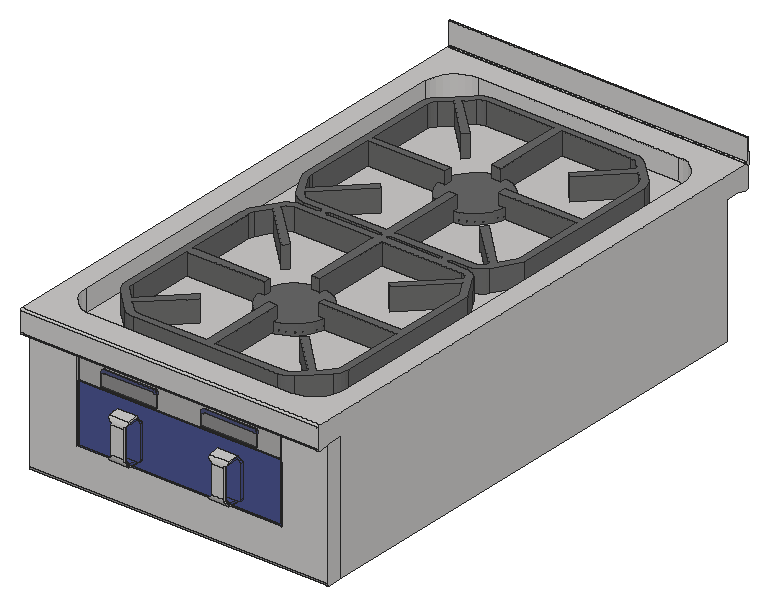
Revit family "QF_ELECTROLUXPROFESSIONAL_589069_MCGDABEOPO", category Specialty Equipment, Revit 2018
Family settings
  Round Connector Dimension = Use Diameter
  Part Type = Normal
  Work Plane-Based = No
  Always vertical = Yes
  Cut with Voids When Loaded = No
  Shared = No
  Room Calculation Point = No
Parameters
  Weight in Pounds = 90.38
  Watts = 0 W
  URL Cutsheet = ""
  Type Mark [instance] = ""
  Status [instance] = ""
  Specification by User [instance] = ""
  Specification by Manufacturer = ""
  Serial Number = ""
  Seismic Rating = ""
  SMACNA No = ""
  Revision Code [instance] = ""
  Omniclass Number and Title = ""
  NAFEM Spec ID Number = ""
  Model = "589069"
  Mechanical Remarks [instance] = ""
  Mechanical Connection Type [instance] = ""
  Masterspec = ""
  Manufacturer = "ELECTROLUX"
  Item Number [instance] = ""
  Installed By [instance] = ""
  Identify Quantity as Lot [instance] = yes
  HP = "0 HP"
  Gas Size = 1/2"
  Gas RI Height [instance] = 0 mm
  Gas KW = 20
  Gas Input = 68180.0 Btu/h
  Gas Connection Height [instance] = 0 mm
  Furnished By [instance] = ""
  Foodservice Equipment Identifier [instance] = yes
  Direct Waste Size = 0"
  Description = "GAS TOP,2 BURNERS,1-S,BSPL,500X900X250H"
  CSI MasterFormat = ""
  CSI Master Format = ""
Reference planes
  plane 1 "BACK": y = 0
  plane 2: z = 0
  plane 3 "LEFT": x = 0
  plane 4 "RIGHT": x = 500
  plane 5 "FRONT": y = -900
  plane 6 "TOP": z = 250
  plane 7: x = 250
  plane 8: y = -450
  plane 9: z = 288.006
  plane 10: x = 465
  plane 11: y = -60.425
Forms (mm)
  Extrusion 1, solid, material "QF_Finishes_Stainless Steel"
    sketch origin (0, -487.128, 0) x (0, 1, 0) y (0, 0, 1)
      loop
        line (483.128, 250) -> (-408.872, 250)
        arc (-408.872, 250) -> (-411.7, 248.828) -> (-412.872, 246) r 4
        line (-412.872, 246) -> (-412.872, 214)
        arc (-412.872, 214) -> (-411.437, 210.931) -> (-408.161, 210.064) r 4
        line (-408.161, 210.064) -> (-392.872, 213) -> (-367.872, 213) -> (-367.872, 0) -> (441.714, 0) -> (441.714, 213) -> (465.765, 213) -> (482.433, 210.061)
        arc (482.433, 210.061) -> (485.699, 210.936) -> (487.128, 214) r 4
        line (487.128, 214) -> (487.128, 246)
        arc (487.128, 246) -> (485.956, 248.828) -> (483.128, 250) r 4
    from 0 to 500
  Extrusion 2, void
    sketch origin (653.786, 44.048, 250) x (1, 0, 0) y (0, -1, 0)
      loop
        line (-570.234, 89.462) -> (-235.321, 89.462)
        arc (-235.321, 89.462) -> (-200.694, 103.805) -> (-186.351, 138.432) r 48.97
        line (-186.351, 138.432) -> (-186.351, 850.078)
        arc (-186.351, 850.078) -> (-200.694, 884.705) -> (-235.321, 899.048) r 48.97
        line (-235.321, 899.048) -> (-570.234, 899.048)
        arc (-570.234, 899.048) -> (-605.59, 884.403) -> (-620.234, 849.048) r 50
        line (-620.234, 849.048) -> (-620.234, 139.462)
        arc (-620.234, 139.462) -> (-605.59, 104.107) -> (-570.234, 89.462) r 50
    from 0 to 37
  Extrusion 3, solid, material "QF_Finishes_Stainless Steel"
    sketch origin (10, -759, 0) x (1, 0, 0) y (0, -1, 0)
      loop
        circle (455, -169) r 6.35
    from 0 to 3.2
  Extrusion 4, solid, material "QF_Finishes_Stainless Steel"
    sketch origin (0, -950.048, 0) x (0, -1, 0) y (0, 0, -1)
      loop
        arc (-948.097, -252.006) -> (-947.511, -250.592) -> (-946.097, -250.006) r 2
        arc (-946.097, -250.006) -> (-948.877, -248.828) -> (-950.048, -246) r 4
        line (-950.048, -246) -> (-950.048, -288.006) -> (-948.097, -288.006) -> (-948.097, -252.006)
    from 0 to 500
Cuts and joins
  Extrusion 2 cuts Extrusion 1
Lines and regions (mm)
  symbolic lines
    curve 1: line (0, 0, 0) -> (500, 0, 0)
    curve 2: line (0, -900, 0) -> (0, 0, 0)
    curve 3: line (500, -900, 0) -> (0, -900, 0)
    curve 4: line (500, 0, 0) -> (500, -900, 0)
    curve 5: arc (83.552, -855, 0) -> (48.197, -840.355, 0) -> (33.552, -805, 0) r 50
    curve 6: line (33.552, -805, 0) -> (33.552, -95.414, 0)
    curve 7: arc (33.552, -95.414, 0) -> (48.197, -60.059, 0) -> (83.552, -45.414, 0) r 50
    curve 8: line (83.552, -45.414, 0) -> (418.465, -45.414, 0)
    curve 9: arc (418.465, -45.414, 0) -> (453.092, -59.757, 0) -> (467.435, -94.384, 0) r 48.97
    curve 10: line (467.435, -94.384, 0) -> (467.435, -806.03, 0)
    curve 11: arc (467.435, -806.03, 0) -> (453.092, -840.657, 0) -> (418.465, -855, 0) r 48.97
    curve 12: line (418.465, -855, 0) -> (83.552, -855, 0)
    curve 13: line (0, -1.951, 0) -> (500, -1.951, 0)
Dimensions and locks
  plane 3 "LEFT" to plane 4 "RIGHT" = 500 mm
  plane 5 "FRONT" to plane 1 "BACK" = 900 mm
  equal spacing: plane 3 "LEFT", plane 7, plane 4 "RIGHT"
  equal spacing: plane 5 "FRONT", plane 8, plane 1 "BACK"
  plane 6 "TOP" to level = 250 mm  (x2)
  plane 1 "BACK" to plane 5 "FRONT" = 900 mm
  Extrusion 3 sketch curve to plane 1 "BACK" = 590 mm
  Extrusion 3 sketch curve to plane 4 "RIGHT" = 35 mm
  plane 1 "BACK" to Extrusion 3 = 590 mm
  plane 10 to plane 4 "RIGHT" = 35 mm
  plane 9 to plane 6 "TOP" = 38.006 mm
  plane 9 to level = 288.006 mm
  aligned and locked: level to plane 2
  aligned and locked: plane 7 to nested 1
  aligned and locked: Extrusion 1 to plane 4 "RIGHT"
  aligned and locked: Extrusion 4 to plane 4 "RIGHT"
Automatic sketch dimensions
  Extrusion 1 sketch curve to plane 5 "FRONT" = 0 mm
  Extrusion 1 sketch curve to plane 6 "TOP" = 0 mm
  Extrusion 1 sketch curve to level = 0 mm
  Extrusion 1 sketch curve to plane 1 "BACK" = 0 mm
  Extrusion 1 sketch curve to plane 6 "TOP" = 37 mm  (x2)
  Extrusion 1 sketch curve to plane 5 "FRONT" = 4 mm
  Extrusion 1 sketch curve to plane 5 "FRONT" = 20 mm
  Extrusion 1 sketch curve to plane 5 "FRONT" = 45 mm
  plane 1 "BACK" to Extrusion 1 sketch curve = 21.363 mm
  plane 1 "BACK" to Extrusion 1 sketch curve = 4 mm  (x2)
  Extrusion 1 sketch curve to Extrusion 1 sketch curve = 4 mm
  Extrusion 1 sketch curve to Extrusion 1 sketch curve = 0.711 mm
  plane 1 "BACK" to Extrusion 1 sketch curve = 4.695 mm
  Extrusion 1 sketch curve to Extrusion 1 sketch curve = 0 mm  (x2)
  Extrusion 1 sketch curve to Extrusion 1 sketch curve = 1 mm  (x2)
  plane 1 "BACK" to Extrusion 1 sketch curve = 45.414 mm
  Extrusion 4 sketch curve to plane 1 "BACK" = 0 mm  (x2)
  Extrusion 4 sketch curve to plane 6 "TOP" = 2.006 mm
  Extrusion 4 sketch curve to plane 6 "TOP" = 0 mm
  Extrusion 4 sketch curve to Extrusion 4 sketch curve = 1.951 mm
  Extrusion 4 sketch curve to Extrusion 4 sketch curve = 2 mm
  Extrusion 4 sketch curve to Extrusion 4 sketch curve = 0.049 mm
  Extrusion 4 sketch curve to Extrusion 4 sketch curve = 36 mm
  Extrusion 4 sketch curve to Extrusion 4 sketch curve = 0 mm
  plane 1 "BACK" to curve 1 = 0 mm
  curve 1 to plane 4 "RIGHT" = 0 mm
  curve 2 to plane 3 "LEFT" = 0 mm
  plane 5 "FRONT" to curve 3 = 0 mm
  curve 13 to plane 3 "LEFT" = 0 mm
  curve 10 to plane 10 = 2.435 mm
  plane 10 to curve 12 = 46.535 mm
  plane 11 to curve 8 = 15.012 mm
  plane 10 to curve 8 = 46.535 mm
  plane 3 "LEFT" to curve 12 = 83.552 mm
  plane 3 "LEFT" to curve 8 = 83.552 mm
  plane 3 "LEFT" to curve 6 = 33.552 mm
  curve 6 to plane 5 "FRONT" = 95 mm
  plane 1 "BACK" to curve 13 = 1.951 mm
  Extrusion 1 to Extrusion 2 sketch curve = 33.552 mm
  Extrusion 1 to Extrusion 2 sketch curve = 41 mm
  Extrusion 1 to Extrusion 2 sketch curve = 41.414 mm
  Extrusion 2 sketch curve to Extrusion 2 sketch curve = 50 mm  (x2)
  Extrusion 1 to Extrusion 2 sketch curve = 81.535 mm  (x2)
  Extrusion 1 to Extrusion 2 sketch curve = 32.565 mm
  radius of Extrusion 3 sketch curve = 6.35 mm
Nested families
  nested 1: "EG_900_500_Double Range Control Handle Front Panel" at (202.376, -855, -650), type "EG_900_500_Double Range Control Handle Front Panel"
  nested 2: "OBT_900_Open Burner" at (250, -450.207, -649.319), type "OBT_900_Open Burner"
Connectors
  piping at (465, -590, -3.2), diameter 12.8
    settings: on Extrusion 3, index 1, connector inside diameter 0.50394", connector length 0 mm, flow factor 0, pipe flow 0 GPM, pressure drop 0.00 psi, fitting loss kfactor 0, connector angle 0.00°, fixture units 0, engagement length 0 mm, angle of deflection 0.00°, flow configuration 1, flow direction 1, fitting loss method 0, system type 7, joint type 0, gender type 0, connector reference index -1, connector utility 0, adjustable connector no, is connector primary yes, connector description "GAS CONNECTION"
Definition of nested family "EG_900_500_Double Range Control Handle Front Panel"
  Reference planes
    plane 1 "Center (Front/Back)": y = 0
    plane 2: z = 0
    plane 3 "Center (Left/Right)": x = 47.624
    plane 4: x = -202.376
    plane 5: x = 297.624
    plane 6: y = -45
  Forms (mm)
    Extrusion 1, solid
      sketch origin (833.217, 829.203, -1.25) x (0, 1, 0) y (0, 0, 1)
        loop
          arc (-854.203, 654.25) -> (-853.324, 652.129) -> (-851.203, 651.25) r 3
          line (-851.203, 651.25) -> (-829.203, 651.25) -> (-829.203, 864.25) -> (-854.203, 864.25) -> (-854.203, 654.25)
      from -1035.593 to -535.593
    Extrusion 2, void
      sketch origin (33.217, 829.203, -1.25) x (1, 0, 0) y (0, 0, 1)
        loop
          line (-157.593, 855.116) -> (-157.593, 713.116) -> (186.407, 713.116) -> (186.407, 855.116) -> (-157.593, 855.116)
      from 848.59 to 854.203
  Cuts and joins
    Extrusion 2 cuts Extrusion 1
  Dimensions and locks
    equal spacing: plane 5, plane 3 "Center (Left/Right)", plane 4
    plane 5 to plane 4 = 500 mm
    equal spacing: nested 3, nested 2, nested 1
    aligned and locked: cut or joined group of Extrusion 1, Extrusion 2 to plane 4
    aligned and locked: plane 5 to cut or joined group of Extrusion 1, Extrusion 2
    aligned and locked: plane 3 "Center (Left/Right)" to nested 2
    aligned and locked: cut or joined group of Extrusion 1, Extrusion 2 to nested 2
  Automatic sketch dimensions
    Extrusion 1 sketch curve to plane 1 "Center (Front/Back)" = 0 mm
    plane 1 "Center (Front/Back)" to Extrusion 1 sketch curve = 22 mm
    Extrusion 1 sketch curve to Extrusion 1 sketch curve = 3 mm
    level to Extrusion 1 sketch curve = 650 mm
    Extrusion 1 sketch curve to Extrusion 1 sketch curve = 210 mm
    plane 4 to Extrusion 2 sketch curve = 78 mm
    Extrusion 2 sketch curve to plane 5 = 78 mm
    level to Extrusion 2 sketch curve = 711.866 mm
    Extrusion 2 sketch curve to Extrusion 2 sketch curve = 142 mm
  Nested families
    nested 1: "Range Control Handle" at (-36.126, -28.137, -209.113) x (-1, 0, 0) z (0, 0, 1), type "Range Control Handle"
    nested 2: "glass conrol panel" at (47.624, 280.644, 2.752), type "glass conrol panel"
    nested 3: "Range Control Handle" at (131.374, -28.137, -209.113), type "Range Control Handle"
  Definition of nested family "Range Control Handle"
    Reference planes
      plane 1 "Center (Front/Back)": y = 0
      plane 2: z = 0
      plane 3 "Center (Left/Right)": x = 0
      plane 4: z = 971.092
      plane 5: y = -16.9
    Forms (mm)
      Extrusion 1, solid
        sketch origin (-746.28, 380.497, 208.931) x (-1, 0, 0) y (0, 0, 1)
          loop
            line (-770.101, 786.798) -> (-770.101, 731.649)
            arc (-770.101, 731.649) -> (-769.759, 730.563) -> (-768.855, 729.87) r 1.893
            line (-768.855, 729.87) -> (-763.474, 727.911) -> (-729.81, 727.911) -> (-724.428, 729.87)
            arc (-724.428, 729.87) -> (-723.525, 730.563) -> (-723.183, 731.649) r 1.893
            line (-723.183, 731.649) -> (-723.183, 786.798)
            arc (-723.183, 786.798) -> (-723.529, 787.894) -> (-724.44, 788.593) r 1.91
            line (-724.44, 788.593) -> (-729.683, 790.819) -> (-763.601, 790.819) -> (-768.844, 788.593)
            arc (-768.844, 788.593) -> (-769.755, 787.894) -> (-770.101, 786.798) r 1.91
        from -382.35 to -378.852
      Sweep 2, solid
        path origin (-746.788, 380.496, 208.091) x (0, -1, 0) y (0, 0, 1)
          loop
            line (379.775, 793.281) -> (395.661, 791.048)
            arc (395.661, 791.048) -> (397.781, 787.377) -> (398.517, 783.202) r 12.207
            line (398.517, 783.202) -> (398.517, 737.368)
            arc (398.517, 737.368) -> (397.781, 733.193) -> (395.661, 729.522) r 12.207
            line (395.661, 729.522) -> (379.775, 727.289)
        profile origin (-746.788, -7.222, 1000.256) x (0, -0.139173, 0.990268) y (-1, 0, 0)
          loop
            line (0.782, -763.123) -> (0.782, -730.907) -> (-1.322, -730.907) -> (-1.322, -763.123) -> (0.782, -763.123)
      Sweep 3, solid
        path origin (-746.788, 380.715, 207.832) x (0, -1, 0) y (0, 0, 1)
          loop
            line (380.478, 795.442) -> (397.218, 793.09)
            arc (397.218, 793.09) -> (399.929, 788.473) -> (400.871, 783.202) r 15.207
            line (400.871, 783.202) -> (400.871, 737.584)
            arc (400.871, 737.584) -> (399.914, 732.274) -> (397.164, 727.633) r 15.207
            line (397.164, 727.633) -> (380.601, 725.305)
        profile origin (-746.788, -8.132, 1002.099) x (0, -0.139173, 0.990268) y (-1, 0, 0)
          loop
            line (0.782, -763.123) -> (0.782, -730.907) -> (-1.322, -730.907) -> (-1.322, -763.123) -> (0.782, -763.123)
      Extrusion 4, void
        sketch origin (889.253, 220.666, 207.993) x (1, 0, 0) y (0, 0, 1)
          loop
            line (-943.038, 816.854) -> (-943.038, 703.686) -> (-899.466, 734.196) -> (-899.466, 786.344) -> (-943.038, 816.854)
        from 230.636 to 242.25
      Extrusion 5, void
        sketch origin (-888.8, 220.666, 207.993) x (-1, 0, 0) y (0, 0, -1)
          loop
            line (-943.038, -816.854) -> (-899.466, -786.344) -> (-899.466, -734.196) -> (-943.038, -703.686) -> (-943.038, -816.854)
        from 230.636 to 242.25
      Extrusion 6, solid
        sketch origin (0, 0, 0) x (1, 0, 0) y (0, 0, 1)
          loop
            circle (0, 971.092) r 7.736
        from -3.137 to -1.645
    Cuts and joins
      Extrusion 4, Extrusion 5 cuts Sweep 3
      Extrusion 4, Extrusion 5 cuts Sweep 2
      joined: Extrusion 1, Extrusion 6
    Lines and regions (mm)
      symbolic lines
        curve 1: line (16.334, -16.9, 0) -> (16.334, -19.227, 0)
        curve 2: spline (16.334, -19.227, 0) -> (15.87, -19.385, 0) -> (15.404, -19.536, 0) -> (14.936, -19.678, 0) -> (14.466, -19.813, 0) -> (13.995, -19.94, 0) -> (13.523, -20.059, 0) -> (13.049, -20.171, 0) -> (12.575, -20.274, 0) -> (12.099, -20.37, 0) -> (11.622, -20.458, 0) -> (11.144, -20.537, 0) -> (10.666, -20.609, 0)
        curve 3: line (10.666, -16.9, 0) -> (10.666, -20.938, 0)
        curve 4: line (-10.213, -20.938, 0) -> (10.666, -20.938, 0)
        curve 5: line (-10.213, -20.938, 0) -> (-10.213, -16.9, 0)
        curve 6: spline (-10.213, -20.609, 0) -> (-10.691, -20.537, 0) -> (-11.169, -20.458, 0) -> (-11.646, -20.37, 0) -> (-12.122, -20.274, 0) -> (-12.597, -20.171, 0) -> (-13.07, -20.059, 0) -> (-13.542, -19.94, 0) -> (-14.013, -19.813, 0) -> (-14.483, -19.678, 0) -> (-14.951, -19.536, 0) -> (-15.417, -19.385, 0) -> (-15.881, -19.227, 0)
        curve 7: line (-15.881, -19.227, 0) -> (-15.881, -16.9, 0)
  Definition of nested family "glass conrol panel"
    Reference planes
      plane 1 "Center (Front/Back)": y = 0
      plane 2: z = 0
      plane 3 "Center (Left/Right)": x = 0
    Forms (mm)
      Extrusion 1, solid
        sketch origin (378.286, 0, 0.617) x (1, 0, 0) y (0, 0, 1)
          loop
            line (-550.286, 806.791) -> (-550.286, 708.497) -> (-206.286, 708.497) -> (-206.286, 806.791) -> (-550.286, 806.791)
        from 300.031 to 304.8
      Extrusion 2, solid
        sketch origin (378.286, 0, 0.617) x (1, 0, 0) y (0, 0, 1)
          loop
            line (-550.286, 850.497) -> (-550.286, 806.791) -> (-206.286, 806.791) -> (-206.286, 850.497) -> (-550.286, 850.497)
        from 300.031 to 304.8
      Extrusion 3, void
        sketch origin (378.286, 0, 0.617) x (1, 0, 0) y (0, 0, 1)
          loop
            line (-547.628, 847.565) -> (-547.628, 710.699) -> (-209.196, 710.699) -> (-209.196, 847.565) -> (-547.628, 847.565)
        from 303.697 to 304.8
      Extrusion 4, solid
        sketch origin (-392.059, 1.101, -0.633) x (-1, 0, 0) y (0, 0, -1)
          loop
            line (-261.431, -812.62) -> (-355.186, -812.62) -> (-355.186, -834.177) -> (-350.269, -834.177) -> (-348.469, -835.977) -> (-268.039, -835.977) -> (-266.24, -834.177) -> (-261.431, -834.177) -> (-261.431, -812.62)
        from 304.798 to 306.745
      Extrusion 5, solid
        sketch origin (-392.059, 1.101, -0.633) x (-1, 0, 0) y (0, 0, -1)
          loop
            line (-350.269, -834.177) -> (-355.078, -834.177)
            arc (-355.078, -834.177) -> (-353.942, -838.747) -> (-349.686, -840.763) r 5.5
            line (-349.686, -840.763) -> (-266.98, -840.763)
            arc (-266.98, -840.763) -> (-262.706, -838.752) -> (-261.529, -834.177) r 5.549
            line (-261.529, -834.177) -> (-266.24, -834.177) -> (-268.039, -835.977) -> (-348.469, -835.977) -> (-350.269, -834.177)
        from 304.798 to 306.745
      Extrusion 6, solid
        sketch origin (392.059, 1.101, -0.633) x (1, 0, 0) y (0, 0, 1)
          loop
            line (-261.431, 812.62) -> (-261.431, 834.177) -> (-266.24, 834.177) -> (-268.039, 835.977) -> (-348.469, 835.977) -> (-350.269, 834.177) -> (-355.186, 834.177) -> (-355.186, 812.62) -> (-261.431, 812.62)
        from 304.798 to 306.745
      Extrusion 7, solid
        sketch origin (392.059, 1.101, -0.633) x (1, 0, 0) y (0, 0, 1)
          loop
            line (-350.269, 834.177) -> (-348.469, 835.977) -> (-268.039, 835.977) -> (-266.24, 834.177) -> (-261.529, 834.177)
            arc (-261.529, 834.177) -> (-262.706, 838.752) -> (-266.98, 840.763) r 5.549
            line (-266.98, 840.763) -> (-349.686, 840.763)
            arc (-349.686, 840.763) -> (-353.942, 838.747) -> (-355.078, 834.177) r 5.5
            line (-355.078, 834.177) -> (-350.269, 834.177)
        from 304.798 to 306.745
    Cuts and joins
      Extrusion 3 cuts Extrusion 1
      Extrusion 3 cuts Extrusion 2
    Dimensions and locks
      aligned and locked: Extrusion 1 to Extrusion 2
      aligned and locked: Extrusion 5 sketch curve to Extrusion 4  (x5)
      aligned and locked: Extrusion 5 to Extrusion 4
      aligned and locked: Extrusion 7 sketch curve to Extrusion 6  (x4)
      aligned and locked: Extrusion 6 to Extrusion 7 sketch curve
      aligned and locked: Extrusion 7 to Extrusion 6
Definition of nested family "OBT_900_Open Burner"
  Reference planes
    plane 1 "Center (Front/Back)": y = 0
    plane 2: z = 0
    plane 3 "Center (Left/Right)": x = 0
    plane 4: x = -186.448
    plane 5: x = 187.435
    plane 6: y = 374.793
    plane 7: y = -374.793
    plane 8: y = -188.326
  Forms (mm)
    Extrusion 1, solid
      sketch origin (2130.573, 56.896, -679.622) x (1, 0, 0) y (0, 1, 0)
        loop
          line (-2137.44, 306.49) -> (-2250.793, 306.49)
          arc (-2250.793, 306.49) -> (-2257.908, 305.075) -> (-2263.94, 301.044) r 18.593
          line (-2263.94, 301.044) -> (-2276.233, 288.751) -> (-2213.48, 225.998) -> (-2221.6, 217.877) -> (-2284.354, 280.631) -> (-2300.33, 264.654)
          arc (-2300.33, 264.654) -> (-2304.433, 258.337) -> (-2305.614, 250.897) r 18.125
          line (-2305.614, 250.897) -> (-2305.614, 138.422) -> (-2175.79, 138.422) -> (-2175.79, 126.938) -> (-2305.614, 126.938) -> (-2305.614, 10.897)
          arc (-2305.614, 10.897) -> (-2304.981, 6.085) -> (-2303.123, 1.601) r 18.593
          line (-2303.123, 1.601) -> (-2290.078, -20.994) -> (-2221.6, 47.483) -> (-2213.48, 39.363) -> (-2284.012, -31.169)
          arc (-2284.012, -31.169) -> (-2278.546, -38.527) -> (-2270.23, -42.379) r 18.593
          line (-2270.23, -42.379) -> (-2137.44, -42.379) -> (-2137.44, 87.464) -> (-2123.707, 87.464) -> (-2123.707, -42.379) -> (-1989.813, -42.379)
          arc (-1989.813, -42.379) -> (-1981.496, -38.527) -> (-1976.031, -31.169) r 18.593
          line (-1976.031, -31.169) -> (-2047.115, 39.915) -> (-2038.994, 48.035) -> (-1969.962, -20.997) -> (-1954.428, 5.916) -> (-1954.428, 126.938) -> (-2085.357, 126.938) -> (-2085.357, 138.422) -> (-1954.428, 138.422) -> (-1954.428, 247.888)
          arc (-1954.428, 247.888) -> (-1956.538, 258.496) -> (-1962.547, 267.489) r 27.72
          line (-1962.547, 267.489) -> (-1975.689, 280.631) -> (-2038.994, 217.325) -> (-2047.115, 225.446) -> (-1983.809, 288.751) -> (-1996.102, 301.044)
          arc (-1996.102, 301.044) -> (-2002.134, 305.075) -> (-2009.25, 306.49) r 18.593
          line (-2009.25, 306.49) -> (-2123.707, 306.49) -> (-2123.707, 177.897) -> (-2137.44, 177.897) -> (-2137.44, 306.49)
        loop
          arc (-2317.021, 10.897) -> (-2315.999, 3.132) -> (-2313.002, -4.103) r 30
          line (-2313.002, -4.103) -> (-2292.795, -39.103)
          arc (-2292.795, -39.103) -> (-2281.814, -50.084) -> (-2266.814, -54.103) r 30
          line (-2266.814, -54.103) -> (-2239.287, -54.103)
          arc (-2239.287, -54.103) -> (-2238.243, -56) -> (-2236.272, -56.896) r 3.438
          arc (-2236.272, -56.896) -> (-2238.243, -57.792) -> (-2239.287, -59.689) r 3.438
          line (-2239.287, -59.689) -> (-2266.814, -59.689)
          arc (-2266.814, -59.689) -> (-2281.814, -63.708) -> (-2292.795, -74.689) r 30
          line (-2292.795, -74.689) -> (-2313.002, -109.689)
          arc (-2313.002, -109.689) -> (-2315.999, -116.924) -> (-2317.021, -124.689) r 30
          line (-2317.021, -124.689) -> (-2317.021, -365.461)
          arc (-2317.021, -365.461) -> (-2314.738, -376.941) -> (-2308.234, -386.674) r 30
          line (-2308.234, -386.674) -> (-2271.975, -422.933)
          arc (-2271.975, -422.933) -> (-2262.253, -429.414) -> (-2250.793, -431.689) r 30
          line (-2250.793, -431.689) -> (-2009.25, -431.689)
          arc (-2009.25, -431.689) -> (-1997.786, -429.412) -> (-1988.062, -422.928) r 30
          line (-1988.062, -422.928) -> (-1951.808, -386.674)
          arc (-1951.808, -386.674) -> (-1945.305, -376.941) -> (-1942.982, -365.461) r 30
          line (-1942.982, -365.461) -> (-1942.982, -116.719) -> (-1967.248, -74.689)
          arc (-1967.248, -74.689) -> (-1978.229, -63.708) -> (-1993.229, -59.689) r 30
          line (-1993.229, -59.689) -> (-2020.319, -59.689)
          arc (-2020.319, -59.689) -> (-2021.979, -57.759) -> (-2024.375, -56.896) r 5
          arc (-2024.375, -56.896) -> (-2021.979, -56.033) -> (-2020.319, -54.103) r 5
          line (-2020.319, -54.103) -> (-1993.229, -54.103)
          arc (-1993.229, -54.103) -> (-1978.229, -50.084) -> (-1967.248, -39.103) r 30
          line (-1967.248, -39.103) -> (-1943.138, 2.656) -> (-1943.138, 254.314)
          arc (-1943.138, 254.314) -> (-1945.839, 264.361) -> (-1951.808, 272.882) r 30
          line (-1951.808, 272.882) -> (-1988.062, 309.136)
          arc (-1988.062, 309.136) -> (-1997.786, 315.62) -> (-2009.25, 317.897) r 30
          line (-2009.25, 317.897) -> (-2250.793, 317.897)
          arc (-2250.793, 317.897) -> (-2262.253, 315.622) -> (-2271.975, 309.141) r 30
          line (-2271.975, 309.141) -> (-2308.234, 272.882)
          arc (-2308.234, 272.882) -> (-2314.738, 263.149) -> (-2317.021, 251.669) r 30
          line (-2317.021, 251.669) -> (-2317.021, 10.897)
        loop
          arc (-2122.397, -54.103) -> (-2124.057, -56.033) -> (-2126.452, -56.896) r 5
          arc (-2126.452, -56.896) -> (-2124.057, -57.759) -> (-2122.397, -59.689) r 5
          line (-2122.397, -59.689) -> (-2035.829, -59.689)
          arc (-2035.829, -59.689) -> (-2034.784, -57.792) -> (-2032.813, -56.896) r 3.438
          arc (-2032.813, -56.896) -> (-2034.784, -56) -> (-2035.829, -54.103) r 3.438
          line (-2035.829, -54.103) -> (-2122.397, -54.103)
        loop
          arc (-2223.778, -54.103) -> (-2225.438, -56.033) -> (-2227.833, -56.896) r 5
          arc (-2227.833, -56.896) -> (-2225.438, -57.759) -> (-2223.778, -59.689) r 5
          line (-2223.778, -59.689) -> (-2137.906, -59.689)
          arc (-2137.906, -59.689) -> (-2136.862, -57.792) -> (-2134.891, -56.896) r 3.438
          arc (-2134.891, -56.896) -> (-2136.862, -56) -> (-2137.906, -54.103) r 3.438
          line (-2137.906, -54.103) -> (-2223.778, -54.103)
        loop
          line (-2137.44, -420.282) -> (-2137.44, -290.439) -> (-2123.707, -290.439) -> (-2123.707, -420.282) -> (-2009.25, -420.282)
          arc (-2009.25, -420.282) -> (-2002.134, -418.867) -> (-1996.102, -414.836) r 18.593
          line (-1996.102, -414.836) -> (-1983.184, -401.918) -> (-2047.115, -337.988) -> (-2038.994, -329.867) -> (-1975.064, -393.798) -> (-1962.547, -381.281)
          arc (-1962.547, -381.281) -> (-1956.538, -372.288) -> (-1954.428, -361.68) r 27.72
          line (-1954.428, -361.68) -> (-1954.428, -250.964) -> (-2085.357, -250.964) -> (-2085.357, -239.48) -> (-1954.428, -239.48) -> (-1954.428, -119.708) -> (-1970.42, -92.003) -> (-2038.994, -160.577) -> (-2047.115, -152.457) -> (-1976.413, -81.755)
          arc (-1976.413, -81.755) -> (-1981.868, -74.971) -> (-1989.813, -71.413) r 18.593
          line (-1989.813, -71.413) -> (-2123.707, -71.413) -> (-2123.707, -200.006) -> (-2137.44, -200.006) -> (-2137.44, -71.413) -> (-2270.23, -71.413)
          arc (-2270.23, -71.413) -> (-2278.175, -74.971) -> (-2283.629, -81.755) r 18.593
          line (-2283.629, -81.755) -> (-2213.48, -151.905) -> (-2221.6, -160.025) -> (-2289.62, -92.005) -> (-2303.123, -115.393)
          arc (-2303.123, -115.393) -> (-2304.981, -119.877) -> (-2305.614, -124.689) r 18.593
          line (-2305.614, -124.689) -> (-2305.614, -239.48) -> (-2175.79, -239.48) -> (-2175.79, -250.964) -> (-2305.614, -250.964) -> (-2305.614, -364.689)
          arc (-2305.614, -364.689) -> (-2304.433, -372.129) -> (-2300.33, -378.446) r 18.125
          line (-2300.33, -378.446) -> (-2284.979, -393.798) -> (-2221.6, -330.419) -> (-2213.48, -338.54) -> (-2276.858, -401.918) -> (-2263.94, -414.836)
          arc (-2263.94, -414.836) -> (-2257.908, -418.867) -> (-2250.793, -420.282) r 18.593
          line (-2250.793, -420.282) -> (-2137.44, -420.282)
      from 1542.072 to 1578.941
    Extrusion 2, solid
      sketch origin (2130.573, 61.122, 0) x (1, 0, 0) y (0, 1, 0)
        loop
          circle (-2130.573, -249.448) r 55
        loop
          circle (-2130.573, 128.455) r 55
      from 862.45 to 879.837
    Extrusion 3, void
      sketch origin (-124.371, -355.785, -22.784) x (-0.587785, -0.809017, 0) y (0, 0, 1)
        loop
          circle (-213.495, 891.283) r 1
      from -67.69 to -35.114
    Extrusion 4, void
      sketch origin (-89.903, -376.417, -22.784) x (-0.422618, -0.906308, 0) y (0, 0, 1)
        loop
          circle (-213.495, 891.283) r 1
      from -74.826 to -35.114
    Extrusion 5, void
      sketch origin (-52.131, -390.093, -22.784) x (-0.241922, -0.970296, 0) y (0, 0, 1)
        loop
          circle (-213.495, 891.283) r 1
      from -67.69 to -35.114
    Extrusion 6, void
      sketch origin (27.702, -394.842, -22.784) x (0.139173, -0.990268, 0) y (0, 0, 1)
        loop
          circle (-213.495, 891.283) r 1
      from -67.69 to -35.114
    Extrusion 7, void
      sketch origin (66.829, -385.74, -22.784) x (0.325568, -0.945519, 0) y (0, 0, 1)
        loop
          circle (-213.495, 891.283) r 1
      from -67.69 to -35.114
    Extrusion 8, void
      sketch origin (103.5, -369.339, -22.784) x (0.5, -0.866025, 0) y (0, 0, 1)
        loop
          circle (-213.495, 891.283) r 1
      from -67.69 to -35.114
    Extrusion 9, void
      sketch origin (136.368, -346.242, -22.784) x (0.656059, -0.75471, 0) y (0, 0, 1)
        loop
          circle (-213.495, 891.283) r 1
      from -67.69 to -35.114
    Extrusion 10, void
      sketch origin (164.225, -317.298, -22.784) x (0.788011, -0.615661, 0) y (0, 0, 1)
        loop
          circle (-213.495, 891.283) r 1
      from -67.69 to -35.114
    Extrusion 11, void
      sketch origin (186.048, -283.571, -22.784) x (0.891007, -0.45399, 0) y (0, 0, 1)
        loop
          circle (-213.495, 891.283) r 1
      from -67.69 to -35.114
    Extrusion 12, void
      sketch origin (201.034, -246.299, -22.784) x (0.961262, -0.275637, 0) y (0, 0, 1)
        loop
          circle (-213.495, 891.283) r 1
      from -67.69 to -35.114
    Extrusion 13, void
      sketch origin (208.566, -166.681, -22.784) x (0.994522, 0.104528, 0) y (0, 0, 1)
        loop
          circle (-213.495, 891.283) r 1
      from -67.69 to -35.114
    Extrusion 14, void
      sketch origin (200.835, -127.26, -22.784) x (0.956305, 0.292372, 0) y (0, 0, 1)
        loop
          circle (-213.495, 891.283) r 1
      from -67.69 to -35.114
    Extrusion 15, void
      sketch origin (185.724, -90.039, -22.784) x (0.882948, 0.469472, 0) y (0, 0, 1)
        loop
          circle (-213.495, 891.283) r 1
      from -67.69 to -35.114
    Extrusion 16, void
      sketch origin (163.788, -56.385, -22.784) x (0.777146, 0.62932, 0) y (0, 0, 1)
        loop
          circle (-213.495, 891.283) r 1
      from -67.69 to -35.114
    Extrusion 17, void
      sketch origin (135.834, -27.534, -22.784) x (0.642788, 0.766044, 0) y (0, 0, 1)
        loop
          circle (-213.495, 891.283) r 1
      from -67.69 to -35.114
    Extrusion 18, void
      sketch origin (102.889, -4.548, -22.784) x (0.48481, 0.87462, 0) y (0, 0, 1)
        loop
          circle (-213.495, 891.283) r 1
      from -67.69 to -35.114
    Extrusion 19, void
      sketch origin (66.163, 11.73, -22.784) x (0.309017, 0.951057, 0) y (0, 0, 1)
        loop
          circle (-213.495, 891.283) r 1
      from -67.69 to -35.114
    Extrusion 20, void
      sketch origin (-52.811, 15.685, -22.784) x (-0.258819, 0.965926, 0) y (0, 0, 1)
        loop
          circle (-213.495, 891.283) r 1
      from -67.69 to -35.114
    Extrusion 21, void
      sketch origin (-90.537, 1.882, -22.784) x (-0.438371, 0.898794, 0) y (0, 0, 1)
        loop
          circle (-213.495, 891.283) r 1
      from -67.69 to -35.114
    Extrusion 22, void
      sketch origin (-124.936, -18.865, -22.784) x (-0.601815, 0.798636, 0) y (0, 0, 1)
        loop
          circle (-213.495, 891.283) r 1
      from -67.69 to -35.114
    Extrusion 23, void
      sketch origin (-154.744, -45.796, -22.784) x (-0.743145, 0.669131, 0) y (0, 0, 1)
        loop
          circle (-213.495, 891.283) r 1
      from -67.69 to -35.114
    Extrusion 24, void
      sketch origin (-178.866, -77.919, -22.784) x (-0.857167, 0.515038, 0) y (0, 0, 1)
        loop
          circle (-213.495, 891.283) r 1
      from -67.69 to -35.114
    Extrusion 25, void
      sketch origin (-196.416, -114.054, -22.784) x (-0.939693, 0.34202, 0) y (0, 0, 1)
        loop
          circle (-213.495, 891.283) r 1
      from -67.69 to -35.114
    Extrusion 26, void
      sketch origin (-204.521, -232.817, -22.784) x (-0.97437, -0.224951, 0) y (0, 0, 1)
        loop
          circle (-213.495, 891.283) r 1
      from -67.69 to -35.114
    Extrusion 27, void
      sketch origin (-192.043, -271.002, -22.784) x (-0.913545, -0.406737, 0) y (0, 0, 1)
        loop
          circle (-213.495, 891.283) r 1
      from -67.69 to -35.114
    Extrusion 28, void
      sketch origin (-172.509, -306.104, -22.784) x (-0.819152, -0.573576, 0) y (0, 0, 1)
        loop
          circle (-213.495, 891.283) r 1
      from -67.69 to -35.114
    Extrusion 29, void
      sketch origin (-146.635, -336.834, -22.784) x (-0.694658, -0.71934, 0) y (0, 0, 1)
        loop
          circle (-213.495, 891.283) r 1
      from -67.69 to -35.114
    Extrusion 30, void
      sketch origin (-124.371, 22.118, -22.784) x (-0.587785, -0.809017, 0) y (0, 0, 1)
        loop
          circle (-213.495, 891.283) r 1
      from -67.69 to -35.114
    Extrusion 31, void
      sketch origin (-89.903, 1.485, -22.784) x (-0.422618, -0.906308, 0) y (0, 0, 1)
        loop
          circle (-213.495, 891.283) r 1
      from -74.826 to -35.114
    Extrusion 32, void
      sketch origin (-52.131, -12.191, -22.784) x (-0.241922, -0.970296, 0) y (0, 0, 1)
        loop
          circle (-213.495, 891.283) r 1
      from -67.69 to -35.114
    Extrusion 33, void
      sketch origin (27.702, -16.939, -22.784) x (0.139173, -0.990268, 0) y (0, 0, 1)
        loop
          circle (-213.495, 891.283) r 1
      from -67.69 to -35.114
    Extrusion 34, void
      sketch origin (66.829, -7.837, -22.784) x (0.325568, -0.945519, 0) y (0, 0, 1)
        loop
          circle (-213.495, 891.283) r 1
      from -67.69 to -35.114
    Extrusion 35, void
      sketch origin (103.5, 8.564, -22.784) x (0.5, -0.866025, 0) y (0, 0, 1)
        loop
          circle (-213.495, 891.283) r 1
      from -67.69 to -35.114
    Extrusion 36, void
      sketch origin (136.368, 31.66, -22.784) x (0.656059, -0.75471, 0) y (0, 0, 1)
        loop
          circle (-213.495, 891.283) r 1
      from -67.69 to -35.114
    Extrusion 37, void
      sketch origin (164.225, 60.604, -22.784) x (0.788011, -0.615661, 0) y (0, 0, 1)
        loop
          circle (-213.495, 891.283) r 1
      from -67.69 to -35.114
    Extrusion 38, void
      sketch origin (186.048, 94.332, -22.784) x (0.891007, -0.45399, 0) y (0, 0, 1)
        loop
          circle (-213.495, 891.283) r 1
      from -67.69 to -35.114
    Extrusion 39, void
      sketch origin (201.034, 131.603, -22.784) x (0.961262, -0.275637, 0) y (0, 0, 1)
        loop
          circle (-213.495, 891.283) r 1
      from -67.69 to -35.114
    Extrusion 40, void
      sketch origin (208.566, 211.222, -22.784) x (0.994522, 0.104528, 0) y (0, 0, 1)
        loop
          circle (-213.495, 891.283) r 1
      from -67.69 to -35.114
    Extrusion 41, void
      sketch origin (200.835, 250.642, -22.784) x (0.956305, 0.292372, 0) y (0, 0, 1)
        loop
          circle (-213.495, 891.283) r 1
      from -67.69 to -35.114
    Extrusion 42, void
      sketch origin (185.724, 287.864, -22.784) x (0.882948, 0.469472, 0) y (0, 0, 1)
        loop
          circle (-213.495, 891.283) r 1
      from -67.69 to -35.114
    Extrusion 43, void
      sketch origin (163.788, 321.518, -22.784) x (0.777146, 0.62932, 0) y (0, 0, 1)
        loop
          circle (-213.495, 891.283) r 1
      from -67.69 to -35.114
    Extrusion 44, void
      sketch origin (135.834, 350.368, -22.784) x (0.642788, 0.766044, 0) y (0, 0, 1)
        loop
          circle (-213.495, 891.283) r 1
      from -67.69 to -35.114
    Extrusion 45, void
      sketch origin (102.889, 373.355, -22.784) x (0.48481, 0.87462, 0) y (0, 0, 1)
        loop
          circle (-213.495, 891.283) r 1
      from -67.69 to -35.114
    Extrusion 46, void
      sketch origin (66.163, 389.633, -22.784) x (0.309017, 0.951057, 0) y (0, 0, 1)
        loop
          circle (-213.495, 891.283) r 1
      from -67.69 to -35.114
    Extrusion 47, void
      sketch origin (-52.811, 393.588, -22.784) x (-0.258819, 0.965926, 0) y (0, 0, 1)
        loop
          circle (-213.495, 891.283) r 1
      from -67.69 to -35.114
    Extrusion 48, void
      sketch origin (-90.537, 379.785, -22.784) x (-0.438371, 0.898794, 0) y (0, 0, 1)
        loop
          circle (-213.495, 891.283) r 1
      from -67.69 to -35.114
    Extrusion 49, void
      sketch origin (-124.936, 359.037, -22.784) x (-0.601815, 0.798636, 0) y (0, 0, 1)
        loop
          circle (-213.495, 891.283) r 1
      from -67.69 to -35.114
    Extrusion 50, void
      sketch origin (-154.744, 332.107, -22.784) x (-0.743145, 0.669131, 0) y (0, 0, 1)
        loop
          circle (-213.495, 891.283) r 1
      from -67.69 to -35.114
    Extrusion 51, void
      sketch origin (-178.866, 299.984, -22.784) x (-0.857167, 0.515038, 0) y (0, 0, 1)
        loop
          circle (-213.495, 891.283) r 1
      from -67.69 to -35.114
    Extrusion 52, void
      sketch origin (-196.416, 263.848, -22.784) x (-0.939693, 0.34202, 0) y (0, 0, 1)
        loop
          circle (-213.495, 891.283) r 1
      from -67.69 to -35.114
    Extrusion 53, void
      sketch origin (-204.521, 145.086, -22.784) x (-0.97437, -0.224951, 0) y (0, 0, 1)
        loop
          circle (-213.495, 891.283) r 1
      from -67.69 to -35.114
    Extrusion 54, void
      sketch origin (-192.043, 106.901, -22.784) x (-0.913545, -0.406737, 0) y (0, 0, 1)
        loop
          circle (-213.495, 891.283) r 1
      from -67.69 to -35.114
    Extrusion 55, void
      sketch origin (-172.509, 71.798, -22.784) x (-0.819152, -0.573576, 0) y (0, 0, 1)
        loop
          circle (-213.495, 891.283) r 1
      from -67.69 to -35.114
    Extrusion 56, void
      sketch origin (-146.635, 41.068, -22.784) x (-0.694658, -0.71934, 0) y (0, 0, 1)
        loop
          circle (-213.495, 891.283) r 1
      from -67.69 to -35.114
  Cuts and joins
    Extrusion 3, Extrusion 4, Extrusion 5, Extrusion 6, Extrusion 7, Extrusion 8, Extrusion 9, Extrusion 10, Extrusion 11, Extrusion 12, Extrusion 13, Extrusion 14, Extrusion 15, Extrusion 16, Extrusion 17, Extrusion 18, Extrusion 19, Extrusion 20, Extrusion 21, Extrusion 22, Extrusion 23, Extrusion 24, Extrusion 25, Extrusion 26, Extrusion 27, Extrusion 28, Extrusion 29, Extrusion 30, Extrusion 31, Extrusion 32, Extrusion 33, Extrusion 34, Extrusion 35, Extrusion 36, Extrusion 37, Extrusion 38, Extrusion 39, Extrusion 40, Extrusion 41, Extrusion 42, Extrusion 43, Extrusion 44, Extrusion 45, Extrusion 46, Extrusion 47, Extrusion 48, Extrusion 49, Extrusion 50, Extrusion 51, Extrusion 52, Extrusion 53, Extrusion 54, Extrusion 55, Extrusion 56 cuts Extrusion 2
    Extrusion 32 cuts Extrusion 1
  Lines and regions (mm)
    symbolic lines
      curve 1: arc (54.699, -182.584, 0) -> (39.289, -149.838, 0) -> (6.867, -133.757, 0) r 55
      curve 2: arc (-54.699, -194.068, 0) -> (-39.289, -226.815, 0) -> (-6.867, -242.896, 0) r 55
      curve 3: line (45.217, -194.068, 0) -> (176.145, -194.068, 0)
      curve 4: line (176.145, -194.068, 0) -> (176.145, -304.784, 0)
      curve 5: arc (176.145, -304.784, 0) -> (174.035, -315.392, 0) -> (168.026, -324.385, 0) r 27.72
      curve 6: line (168.026, -324.385, 0) -> (155.51, -336.902, 0)
      curve 7: line (155.51, -336.902, 0) -> (91.579, -272.971, 0)
      curve 8: line (83.459, -281.092, 0) -> (147.389, -345.022, 0)
      curve 9: line (147.389, -345.022, 0) -> (134.471, -357.94, 0)
      curve 10: arc (134.471, -357.94, 0) -> (128.439, -361.971, 0) -> (121.324, -363.386, 0) r 18.593
      curve 11: line (121.324, -363.386, 0) -> (6.867, -363.386, 0)
      curve 12: line (6.867, -363.386, 0) -> (6.867, -233.543, 0)
      curve 13: line (-6.867, -233.543, 0) -> (-6.867, -363.386, 0)
      curve 14: line (-6.867, -363.386, 0) -> (-120.219, -363.386, 0)
      curve 15: arc (-120.219, -363.386, 0) -> (-127.335, -361.971, 0) -> (-133.367, -357.94, 0) r 18.593
      curve 16: line (-133.367, -357.94, 0) -> (-146.285, -345.022, 0)
      curve 17: line (-146.285, -345.022, 0) -> (-82.906, -281.644, 0)
      curve 18: line (-91.027, -273.523, 0) -> (-154.405, -336.902, 0)
      curve 19: line (-154.405, -336.902, 0) -> (-169.757, -321.55, 0)
      curve 20: arc (-169.757, -321.55, 0) -> (-173.86, -315.233, 0) -> (-175.041, -307.793, 0) r 18.125
      curve 21: line (-175.041, -307.793, 0) -> (-175.041, -194.068, 0)
      curve 22: line (-175.041, -194.068, 0) -> (-45.217, -194.068, 0)
      curve 23: line (-45.217, -182.584, 0) -> (-175.041, -182.584, 0)
      curve 24: line (-175.041, -182.584, 0) -> (-175.041, -67.793, 0)
      curve 25: arc (-175.041, -67.793, 0) -> (-174.407, -62.981, 0) -> (-172.55, -58.497, 0) r 18.593
      curve 26: line (-172.55, -58.497, 0) -> (-159.047, -35.109, 0)
      curve 27: line (-159.047, -35.109, 0) -> (-91.027, -103.129, 0)
      curve 28: line (-82.906, -95.009, 0) -> (-153.056, -24.859, 0)
      curve 29: arc (-153.056, -24.859, 0) -> (-147.601, -18.075, 0) -> (-139.656, -14.517, 0) r 18.593
      curve 30: line (-139.656, -14.517, 0) -> (-6.867, -14.517, 0)
      curve 31: line (-6.867, -14.517, 0) -> (-6.867, -143.11, 0)
      curve 32: line (6.867, -143.11, 0) -> (6.867, -14.517, 0)
      curve 33: line (6.867, -14.517, 0) -> (140.761, -14.517, 0)
      curve 34: arc (140.761, -14.517, 0) -> (148.706, -18.075, 0) -> (154.16, -24.859, 0) r 18.593
      curve 35: line (154.16, -24.859, 0) -> (83.459, -95.561, 0)
      curve 36: line (91.579, -103.681, 0) -> (160.154, -35.107, 0)
      curve 37: line (160.154, -35.107, 0) -> (176.145, -62.812, 0)
      curve 38: line (176.145, -62.812, 0) -> (176.145, -182.584, 0)
      curve 39: line (176.145, -182.584, 0) -> (45.217, -182.584, 0)
      curve 40: line (187.592, -59.823, 0) -> (163.326, -17.793, 0)
      curve 41: arc (163.326, -17.793, 0) -> (152.345, -6.812, 0) -> (137.345, -2.793, 0) r 30
      curve 42: line (137.345, -2.793, 0) -> (110.254, -2.793, 0)
      curve 43: arc (110.254, -2.793, 0) -> (108.594, -0.863, 0) -> (106.199, 0, 0) r 5
      curve 44: arc (106.199, 0, 0) -> (108.594, 0.863, 0) -> (110.254, 2.793, 0) r 5
      curve 45: line (110.254, 2.793, 0) -> (137.345, 2.793, 0)
      curve 46: arc (137.345, 2.793, 0) -> (152.345, 6.812, 0) -> (163.326, 17.793, 0) r 30
      curve 47: line (163.326, 17.793, 0) -> (187.435, 59.552, 0)
      curve 48: line (187.435, 59.552, 0) -> (187.435, 311.21, 0)
      curve 49: arc (187.435, 311.21, 0) -> (184.735, 321.257, 0) -> (178.765, 329.778, 0) r 30
      curve 50: line (178.765, 329.778, 0) -> (142.511, 366.032, 0)
      curve 51: arc (142.511, 366.032, 0) -> (132.788, 372.516, 0) -> (121.324, 374.793, 0) r 30
      curve 52: line (121.324, 374.793, 0) -> (-120.219, 374.793, 0)
      curve 53: arc (-120.219, 374.793, 0) -> (-131.68, 372.518, 0) -> (-141.401, 366.037, 0) r 30
      curve 54: line (-141.401, 366.037, 0) -> (-177.661, 329.778, 0)
      curve 55: arc (-177.661, 329.778, 0) -> (-184.164, 320.045, 0) -> (-186.448, 308.565, 0) r 30
      curve 56: line (-186.448, 308.565, 0) -> (-186.448, 67.793, 0)
      curve 57: arc (-186.448, 67.793, 0) -> (-185.426, 60.028, 0) -> (-182.429, 52.793, 0) r 30
      curve 58: line (-182.429, 52.793, 0) -> (-162.221, 17.793, 0)
      curve 59: arc (-162.221, 17.793, 0) -> (-151.241, 6.812, 0) -> (-136.241, 2.793, 0) r 30
      curve 60: line (-136.241, 2.793, 0) -> (-108.714, 2.793, 0)
      curve 61: arc (-108.714, 2.793, 0) -> (-107.669, 0.896, 0) -> (-105.698, 0, 0) r 3.438
      curve 62: arc (-105.698, 0, 0) -> (-107.669, -0.896, 0) -> (-108.714, -2.793, 0) r 3.438
      curve 63: line (-108.714, -2.793, 0) -> (-136.241, -2.793, 0)
      curve 64: arc (-136.241, -2.793, 0) -> (-151.241, -6.812, 0) -> (-162.221, -17.793, 0) r 30
      curve 65: line (-162.221, -17.793, 0) -> (-182.429, -52.793, 0)
      curve 66: arc (-182.429, -52.793, 0) -> (-185.426, -60.028, 0) -> (-186.448, -67.793, 0) r 30
      curve 67: line (-186.448, -67.793, 0) -> (-186.448, -308.565, 0)
      curve 68: arc (-186.448, -308.565, 0) -> (-184.164, -320.045, 0) -> (-177.661, -329.778, 0) r 30
      curve 69: line (-177.661, -329.778, 0) -> (-141.401, -366.037, 0)
      curve 70: arc (-141.401, -366.037, 0) -> (-131.68, -372.518, 0) -> (-120.219, -374.793, 0) r 30
      curve 71: line (-120.219, -374.793, 0) -> (121.324, -374.793, 0)
      curve 72: arc (121.324, -374.793, 0) -> (132.788, -372.516, 0) -> (142.511, -366.032, 0) r 30
      curve 73: line (142.511, -366.032, 0) -> (178.765, -329.778, 0)
      curve 74: arc (178.765, -329.778, 0) -> (185.269, -320.045, 0) -> (187.552, -308.565, 0) r 30
      curve 75: line (187.592, -308.565, 0) -> (187.592, -59.823, 0)
      curve 76: line (94.745, -2.793, 0) -> (8.177, -2.793, 0)
      curve 77: arc (8.177, -2.793, 0) -> (6.517, -0.863, 0) -> (4.121, 0, 0) r 5
      curve 78: arc (4.121, 0, 0) -> (6.517, 0.863, 0) -> (8.177, 2.793, 0) r 5
      curve 79: line (8.177, 2.793, 0) -> (94.745, 2.793, 0)
      curve 80: arc (94.745, 2.793, 0) -> (95.789, 0.896, 0) -> (97.76, 0, 0) r 3.438
      curve 81: arc (97.76, 0, 0) -> (95.789, -0.896, 0) -> (94.745, -2.793, 0) r 3.438
      curve 82: line (-7.333, -2.793, 0) -> (-93.204, -2.793, 0)
      curve 83: arc (-93.204, -2.793, 0) -> (-94.864, -0.863, 0) -> (-97.26, 0, 0) r 5
      curve 84: arc (-97.26, 0, 0) -> (-94.864, 0.863, 0) -> (-93.204, 2.793, 0) r 5
      curve 85: line (-93.204, 2.793, 0) -> (-7.333, 2.793, 0)
      curve 86: arc (-7.333, 2.793, 0) -> (-6.288, 0.896, 0) -> (-4.317, 0, 0) r 3.438
      curve 87: arc (-4.317, 0, 0) -> (-6.288, -0.896, 0) -> (-7.333, -2.793, 0) r 3.438
      curve 88: line (-6.867, 14.517, 0) -> (-139.656, 14.517, 0)
      curve 89: arc (-139.656, 14.517, 0) -> (-147.973, 18.369, 0) -> (-153.438, 25.727, 0) r 18.593
      curve 90: line (-153.438, 25.727, 0) -> (-82.906, 96.259, 0)
      curve 91: line (-91.027, 104.379, 0) -> (-159.504, 35.902, 0)
      curve 92: line (-159.504, 35.902, 0) -> (-172.55, 58.497, 0)
      curve 93: arc (-172.55, 58.497, 0) -> (-174.407, 62.981, 0) -> (-175.041, 67.793, 0) r 18.593
      curve 94: line (-175.041, 67.793, 0) -> (-175.041, 183.834, 0)
      curve 95: line (-175.041, 183.834, 0) -> (-45.217, 183.834, 0)
      curve 96: line (-45.217, 195.318, 0) -> (-175.041, 195.318, 0)
      curve 97: line (-175.041, 195.318, 0) -> (-175.041, 307.793, 0)
      curve 98: arc (-175.041, 307.793, 0) -> (-173.86, 315.233, 0) -> (-169.757, 321.55, 0) r 18.125
      curve 99: line (-169.757, 321.55, 0) -> (-153.78, 337.527, 0)
      curve 100: line (-153.78, 337.527, 0) -> (-91.027, 274.773, 0)
      curve 101: line (-91.027, 274.773, 0) -> (-82.906, 282.894, 0)
      curve 102: line (-82.906, 282.894, 0) -> (-145.66, 345.647, 0)
      curve 103: line (-145.66, 345.647, 0) -> (-133.367, 357.94, 0)
      curve 104: arc (-133.367, 357.94, 0) -> (-127.335, 361.971, 0) -> (-120.219, 363.386, 0) r 18.593
      curve 105: line (-120.219, 363.386, 0) -> (-6.867, 363.386, 0)
      curve 106: line (-6.867, 363.386, 0) -> (-6.867, 234.793, 0)
      curve 107: line (-6.867, 234.793, 0) -> (6.867, 234.793, 0)
      curve 108: line (6.867, 234.793, 0) -> (6.867, 363.386, 0)
      curve 109: line (6.867, 363.386, 0) -> (121.324, 363.386, 0)
      curve 110: arc (121.324, 363.386, 0) -> (128.439, 361.971, 0) -> (134.471, 357.94, 0) r 18.593
      curve 111: line (134.471, 357.94, 0) -> (146.764, 345.647, 0)
      curve 112: line (146.764, 345.647, 0) -> (83.459, 282.342, 0)
      curve 113: line (91.579, 274.221, 0) -> (154.885, 337.527, 0)
      curve 114: line (154.885, 337.527, 0) -> (168.026, 324.385, 0)
      curve 115: arc (168.026, 324.385, 0) -> (174.035, 315.392, 0) -> (176.145, 304.784, 0) r 27.72
      curve 116: line (176.145, 304.784, 0) -> (176.145, 195.318, 0)
      curve 117: line (176.145, 195.318, 0) -> (45.217, 195.318, 0)
      curve 118: line (45.217, 183.834, 0) -> (176.145, 183.834, 0)
      curve 119: line (176.145, 183.834, 0) -> (176.145, 62.812, 0)
      curve 120: line (176.145, 62.812, 0) -> (160.611, 35.899, 0)
      curve 121: line (160.611, 35.899, 0) -> (91.579, 104.931, 0)
      curve 122: line (83.459, 96.811, 0) -> (154.543, 25.727, 0)
      curve 123: arc (154.543, 25.727, 0) -> (149.077, 18.369, 0) -> (140.761, 14.517, 0) r 18.593
      curve 124: line (140.761, 14.517, 0) -> (6.867, 14.517, 0)
      curve 125: line (6.867, 14.517, 0) -> (6.867, 144.36, 0)
      curve 126: line (6.867, 144.36, 0) -> (-6.867, 144.36, 0)
      curve 127: line (-6.867, 144.36, 0) -> (-6.867, 14.517, 0)
      curve 128: arc (-54.699, 183.834, 0) -> (-39.289, 151.088, 0) -> (-6.867, 135.007, 0) r 55
      curve 129: arc (54.699, 195.318, 0) -> (39.289, 228.065, 0) -> (6.867, 244.146, 0) r 55
      curve 130: arc (-6.867, 244.146, 0) -> (-39.289, 228.065, 0) -> (-54.699, 195.318, 0) r 55
      curve 131: arc (6.867, 135.007, 0) -> (39.289, 151.088, 0) -> (54.699, 183.834, 0) r 55
      curve 132: arc (-6.867, -133.757, 0) -> (-39.289, -149.838, 0) -> (-54.699, -182.584, 0) r 55
      curve 133: arc (6.867, -242.896, 0) -> (39.289, -226.815, 0) -> (54.699, -194.068, 0) r 55
      curve 134: line (-45.217, 183.834, 0) -> (-45.217, 195.318, 0)
      curve 135: line (45.217, 195.318, 0) -> (45.217, 183.834, 0)
      curve 136: line (91.579, 274.221, 0) -> (83.459, 282.342, 0)
      curve 137: line (-91.027, 104.379, 0) -> (-82.906, 96.259, 0)
      curve 138: line (91.579, 104.931, 0) -> (83.459, 96.811, 0)
      curve 139: line (-91.027, -103.129, 0) -> (-82.906, -95.009, 0)
      curve 140: line (83.459, -95.561, 0) -> (91.579, -103.681, 0)
      curve 141: line (45.217, -182.584, 0) -> (45.217, -194.068, 0)
      curve 142: line (-6.867, -143.11, 0) -> (6.867, -143.11, 0)
      curve 143: line (-45.217, -194.068, 0) -> (-45.217, -182.584, 0)
      curve 144: line (6.867, -233.543, 0) -> (-6.867, -233.543, 0)
      curve 145: line (91.579, -272.971, 0) -> (83.459, -281.092, 0)
      curve 146: line (-82.906, -281.644, 0) -> (-91.027, -273.523, 0)
  Dimensions and locks
    plane 5 to plane 4 = 373.883 mm
    equal spacing: Extrusion 1 sketch curve, plane 3 "Center (Left/Right)", Extrusion 1 sketch curve
